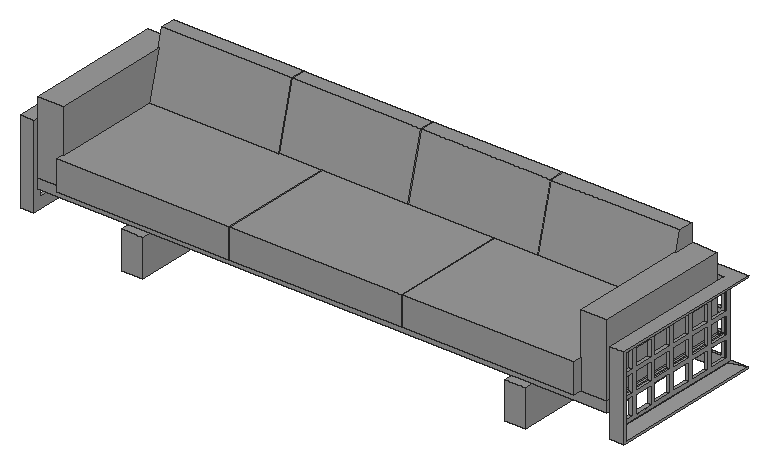
Revit family "LR_SOFÁ MUXARABI 350X90", category Modelos genéricos, Revit 2024
Family settings
  Pode hospedar o vergalhão = Não
  Cota do conector redondo = Utilizar diâmetro
  Tipo de parte = Normal
  Com base no plano de trabalho = Não
  Sempre na vertical = Sim
  Corte com vazios quando carregada = Não
  Manter orientação da anotação = Não
  Compartilhado = Não
  Ponto de cálculo do ambiente = Não
Parameters
  almofadas [instance] = yes
  Elevação padrão = 0 m
  ESTRUTURA [instance] = yes
Reference planes (m)
  plane 1: z = 0
  plane 2 "Centro (Esquerda/Direita)": x = 0
  plane 3 "Centro (Frente/Trás)": y = 0
Forms (m)
  Extrusion 1, solid, not visible
    sketch origin (0.14545, 1.172287, 0.08) x (0, -1, 0) y (0, 0, -1)
      loop
        line (0.04, -0.392) -> (0.081, -0.392) -> (0.081, 0.14) -> (0.04, 0.14) -> (0.04, -0.392)
    from 0 to 0.025
  Extrusion 2, solid, not visible
    sketch origin (0.14545, 1.090287, 0.08) x (0, -1, 0) y (0, 0, -1)
      loop
        line (0.04, -0.392) -> (0.081, -0.392) -> (0.081, 0.14) -> (0.04, 0.14) -> (0.04, -0.392)
    from 0 to 0.025
  Extrusion 3, solid, not visible
    sketch origin (0.14545, 1.008287, 0.08) x (0, -1, 0) y (0, 0, -1)
      loop
        line (0.04, -0.392) -> (0.081, -0.392) -> (0.081, 0.14) -> (0.04, 0.14) -> (0.04, -0.392)
    from 0 to 0.025
  Extrusion 4, solid, not visible
    sketch origin (0.14545, 0.926287, 0.08) x (0, -1, 0) y (0, 0, -1)
      loop
        line (0.04, -0.392) -> (0.081, -0.392) -> (0.081, 0.14) -> (0.04, 0.14) -> (0.04, -0.392)
    from 0 to 0.025
  Extrusion 5, solid, not visible
    sketch origin (0.14545, 0.844287, 0.08) x (0, -1, 0) y (0, 0, -1)
      loop
        line (0.04, -0.392) -> (0.081, -0.392) -> (0.081, 0.14) -> (0.04, 0.14) -> (0.04, -0.392)
    from 0 to 0.025
  Extrusion 6, solid, not visible
    sketch origin (0.14545, 0.762287, 0.08) x (0, -1, 0) y (0, 0, -1)
      loop
        line (0.04, -0.392) -> (0.081, -0.392) -> (0.081, 0.14) -> (0.04, 0.14) -> (0.04, -0.392)
    from 0 to 0.025
  Extrusion 7, solid, not visible
    sketch origin (0.14545, 0.680287, 0.08) x (0, -1, 0) y (0, 0, -1)
      loop
        line (0.04, -0.392) -> (0.081, -0.392) -> (0.081, 0.14) -> (0.04, 0.14) -> (0.04, -0.392)
    from 0 to 0.025
  Extrusion 8, solid, not visible
    sketch origin (0.14545, 0.598287, 0.08) x (0, -1, 0) y (0, 0, -1)
      loop
        line (0.04, -0.392) -> (0.081, -0.392) -> (0.081, 0.14) -> (0.04, 0.14) -> (0.04, -0.392)
    from 0 to 0.025
  Extrusion 9, solid, not visible
    sketch origin (0.14545, 0.516287, 0.08) x (0, -1, 0) y (0, 0, -1)
      loop
        line (0.04, -0.392) -> (0.081, -0.392) -> (0.081, 0.14) -> (0.04, 0.14) -> (0.04, -0.392)
    from 0 to 0.025
  Extrusion 10, solid, not visible
    sketch origin (0.14545, 0.434287, 0.08) x (0, -1, 0) y (0, 0, -1)
      loop
        line (0.04, -0.392) -> (0.081, -0.392) -> (0.081, 0.14) -> (0.04, 0.14) -> (0.04, -0.392)
    from 0 to 0.025
  Extrusion 11, solid, not visible
    sketch origin (0.14545, 1.033287, 0.389) x (0, 0, -1) y (0, 1, 0)
      loop
        line (0.04, -0.68) -> (0.081, -0.68) -> (0.081, 0.14) -> (0.04, 0.14) -> (0.04, -0.68)
    from 0 to 0.025
  Extrusion 12, solid, not visible
    sketch origin (0.14545, 1.033287, 0.307) x (0, 0, -1) y (0, 1, 0)
      loop
        line (0.04, -0.68) -> (0.081, -0.68) -> (0.081, 0.14) -> (0.04, 0.14) -> (0.04, -0.68)
    from 0 to 0.025
  Extrusion 13, solid, not visible
    sketch origin (0.14545, 1.033287, 0.225) x (0, 0, -1) y (0, 1, 0)
      loop
        line (0.04, -0.68) -> (0.081, -0.68) -> (0.081, 0.14) -> (0.04, 0.14) -> (0.04, -0.68)
    from 0 to 0.025
  Extrusion 14, solid, not visible
    sketch origin (0.14545, 1.033287, 0.143) x (0, 0, -1) y (0, 1, 0)
      loop
        line (0.04, -0.68) -> (0.081, -0.68) -> (0.081, 0.14) -> (0.04, 0.14) -> (0.04, -0.68)
    from 0 to 0.025
  Extrusion 15, solid, not visible
    sketch origin (0.14545, 1.033287, 0.061) x (0, 0, -1) y (0, 1, 0)
      loop
        line (0.04, -0.68) -> (0.081, -0.68) -> (0.081, 0.14) -> (0.04, 0.14) -> (0.04, -0.68)
    from 0 to 0.025
  Extrusion 16, solid, not visible
    sketch origin (1.05695, 1.265787, 0.08) x (-1, 0, 0) y (0, 0, -1)
      loop
        line (0.04, -0.392) -> (0.081, -0.392) -> (0.081, 0.14) -> (0.04, 0.14) -> (0.04, -0.392)
    from 0 to 0.025
  Extrusion 17, solid, not visible
    sketch origin (0.97495, 1.265787, 0.08) x (-1, 0, 0) y (0, 0, -1)
      loop
        line (0.04, -0.392) -> (0.081, -0.392) -> (0.081, 0.14) -> (0.04, 0.14) -> (0.04, -0.392)
    from 0 to 0.025
  Extrusion 18, solid, not visible
    sketch origin (0.89295, 1.265787, 0.08) x (-1, 0, 0) y (0, 0, -1)
      loop
        line (0.04, -0.392) -> (0.081, -0.392) -> (0.081, 0.14) -> (0.04, 0.14) -> (0.04, -0.392)
    from 0 to 0.025
  Extrusion 19, solid, not visible
    sketch origin (0.81095, 1.265787, 0.08) x (-1, 0, 0) y (0, 0, -1)
      loop
        line (0.04, -0.392) -> (0.081, -0.392) -> (0.081, 0.14) -> (0.04, 0.14) -> (0.04, -0.392)
    from 0 to 0.025
  Extrusion 20, solid, not visible
    sketch origin (0.72895, 1.265787, 0.08) x (-1, 0, 0) y (0, 0, -1)
      loop
        line (0.04, -0.392) -> (0.081, -0.392) -> (0.081, 0.14) -> (0.04, 0.14) -> (0.04, -0.392)
    from 0 to 0.025
  Extrusion 21, solid, not visible
    sketch origin (0.64695, 1.265787, 0.08) x (-1, 0, 0) y (0, 0, -1)
      loop
        line (0.04, -0.392) -> (0.081, -0.392) -> (0.081, 0.14) -> (0.04, 0.14) -> (0.04, -0.392)
    from 0 to 0.025
  Extrusion 22, solid, not visible
    sketch origin (0.56495, 1.265787, 0.08) x (-1, 0, 0) y (0, 0, -1)
      loop
        line (0.04, -0.392) -> (0.081, -0.392) -> (0.081, 0.14) -> (0.04, 0.14) -> (0.04, -0.392)
    from 0 to 0.025
  Extrusion 23, solid, not visible
    sketch origin (0.48295, 1.265787, 0.08) x (-1, 0, 0) y (0, 0, -1)
      loop
        line (0.04, -0.392) -> (0.081, -0.392) -> (0.081, 0.14) -> (0.04, 0.14) -> (0.04, -0.392)
    from 0 to 0.025
  Extrusion 24, solid, not visible
    sketch origin (0.40095, 1.265787, 0.08) x (-1, 0, 0) y (0, 0, -1)
      loop
        line (0.04, -0.392) -> (0.081, -0.392) -> (0.081, 0.14) -> (0.04, 0.14) -> (0.04, -0.392)
    from 0 to 0.025
  Extrusion 25, solid, not visible
    sketch origin (0.31895, 1.265787, 0.08) x (-1, 0, 0) y (0, 0, -1)
      loop
        line (0.04, -0.392) -> (0.081, -0.392) -> (0.081, 0.14) -> (0.04, 0.14) -> (0.04, -0.392)
    from 0 to 0.025
  Extrusion 26, solid, not visible
    sketch origin (0.91795, 1.265787, 0.389) x (0, 0, -1) y (1, 0, 0)
      loop
        line (0.04, -0.68) -> (0.081, -0.68) -> (0.081, 1.865) -> (0.04, 1.865) -> (0.04, -0.68)
    from 0 to 0.025
  Extrusion 27, solid, not visible
    sketch origin (0.91795, 1.265787, 0.307) x (0, 0, -1) y (1, 0, 0)
      loop
        line (0.04, -0.68) -> (0.081, -0.68) -> (0.081, 1.865) -> (0.04, 1.865) -> (0.04, -0.68)
    from 0 to 0.025
  Extrusion 28, solid, not visible
    sketch origin (0.91795, 1.265787, 0.225) x (0, 0, -1) y (1, 0, 0)
      loop
        line (0.04, -0.68) -> (0.081, -0.68) -> (0.081, 1.865) -> (0.04, 1.865) -> (0.04, -0.68)
    from 0 to 0.025
  Extrusion 29, solid, not visible
    sketch origin (0.91795, 1.265787, 0.143) x (0, 0, -1) y (1, 0, 0)
      loop
        line (0.04, -0.68) -> (0.081, -0.68) -> (0.081, 1.865) -> (0.04, 1.865) -> (0.04, -0.68)
    from 0 to 0.025
  Extrusion 30, solid, not visible
    sketch origin (0.91795, 1.265787, 0.061) x (0, 0, -1) y (1, 0, 0)
      loop
        line (0.04, -0.68) -> (0.081, -0.68) -> (0.081, 1.865) -> (0.04, 1.865) -> (0.04, -0.68)
    from 0 to 0.025
  Extrusion 31, solid, not visible
    sketch origin (1.71295, 1.265787, 0.08) x (-1, 0, 0) y (0, 0, -1)
      loop
        line (0.04, -0.392) -> (0.081, -0.392) -> (0.081, 0.14) -> (0.04, 0.14) -> (0.04, -0.392)
    from 0 to 0.025
  Extrusion 32, solid, not visible
    sketch origin (1.63095, 1.265787, 0.08) x (-1, 0, 0) y (0, 0, -1)
      loop
        line (0.04, -0.392) -> (0.081, -0.392) -> (0.081, 0.14) -> (0.04, 0.14) -> (0.04, -0.392)
    from 0 to 0.025
  Extrusion 33, solid, not visible
    sketch origin (1.54895, 1.265787, 0.08) x (-1, 0, 0) y (0, 0, -1)
      loop
        line (0.04, -0.392) -> (0.081, -0.392) -> (0.081, 0.14) -> (0.04, 0.14) -> (0.04, -0.392)
    from 0 to 0.025
  Extrusion 34, solid, not visible
    sketch origin (1.46695, 1.265787, 0.08) x (-1, 0, 0) y (0, 0, -1)
      loop
        line (0.04, -0.392) -> (0.081, -0.392) -> (0.081, 0.14) -> (0.04, 0.14) -> (0.04, -0.392)
    from 0 to 0.025
  Extrusion 35, solid, not visible
    sketch origin (1.38495, 1.265787, 0.08) x (-1, 0, 0) y (0, 0, -1)
      loop
        line (0.04, -0.392) -> (0.081, -0.392) -> (0.081, 0.14) -> (0.04, 0.14) -> (0.04, -0.392)
    from 0 to 0.025
  Extrusion 36, solid, not visible
    sketch origin (1.30295, 1.265787, 0.08) x (-1, 0, 0) y (0, 0, -1)
      loop
        line (0.04, -0.392) -> (0.081, -0.392) -> (0.081, 0.14) -> (0.04, 0.14) -> (0.04, -0.392)
    from 0 to 0.025
  Extrusion 37, solid, not visible
    sketch origin (1.22095, 1.265787, 0.08) x (-1, 0, 0) y (0, 0, -1)
      loop
        line (0.04, -0.392) -> (0.081, -0.392) -> (0.081, 0.14) -> (0.04, 0.14) -> (0.04, -0.392)
    from 0 to 0.025
  Extrusion 38, solid, not visible
    sketch origin (1.13895, 1.265787, 0.08) x (-1, 0, 0) y (0, 0, -1)
      loop
        line (0.04, -0.392) -> (0.081, -0.392) -> (0.081, 0.14) -> (0.04, 0.14) -> (0.04, -0.392)
    from 0 to 0.025
  Extrusion 39, solid, not visible
    sketch origin (2.36895, 1.265787, 0.08) x (-1, 0, 0) y (0, 0, -1)
      loop
        line (0.04, -0.392) -> (0.081, -0.392) -> (0.081, 0.14) -> (0.04, 0.14) -> (0.04, -0.392)
    from 0 to 0.025
  Extrusion 40, solid, not visible
    sketch origin (2.28695, 1.265787, 0.08) x (-1, 0, 0) y (0, 0, -1)
      loop
        line (0.04, -0.392) -> (0.081, -0.392) -> (0.081, 0.14) -> (0.04, 0.14) -> (0.04, -0.392)
    from 0 to 0.025
  Extrusion 41, solid, not visible
    sketch origin (2.20495, 1.265787, 0.08) x (-1, 0, 0) y (0, 0, -1)
      loop
        line (0.04, -0.392) -> (0.081, -0.392) -> (0.081, 0.14) -> (0.04, 0.14) -> (0.04, -0.392)
    from 0 to 0.025
  Extrusion 42, solid, not visible
    sketch origin (2.12295, 1.265787, 0.08) x (-1, 0, 0) y (0, 0, -1)
      loop
        line (0.04, -0.392) -> (0.081, -0.392) -> (0.081, 0.14) -> (0.04, 0.14) -> (0.04, -0.392)
    from 0 to 0.025
  Extrusion 43, solid, not visible
    sketch origin (2.04095, 1.265787, 0.08) x (-1, 0, 0) y (0, 0, -1)
      loop
        line (0.04, -0.392) -> (0.081, -0.392) -> (0.081, 0.14) -> (0.04, 0.14) -> (0.04, -0.392)
    from 0 to 0.025
  Extrusion 44, solid, not visible
    sketch origin (1.95895, 1.265787, 0.08) x (-1, 0, 0) y (0, 0, -1)
      loop
        line (0.04, -0.392) -> (0.081, -0.392) -> (0.081, 0.14) -> (0.04, 0.14) -> (0.04, -0.392)
    from 0 to 0.025
  Extrusion 45, solid, not visible
    sketch origin (1.87695, 1.265787, 0.08) x (-1, 0, 0) y (0, 0, -1)
      loop
        line (0.04, -0.392) -> (0.081, -0.392) -> (0.081, 0.14) -> (0.04, 0.14) -> (0.04, -0.392)
    from 0 to 0.025
  Extrusion 46, solid, not visible
    sketch origin (1.79495, 1.265787, 0.08) x (-1, 0, 0) y (0, 0, -1)
      loop
        line (0.04, -0.392) -> (0.081, -0.392) -> (0.081, 0.14) -> (0.04, 0.14) -> (0.04, -0.392)
    from 0 to 0.025
  Extrusion 47, solid, not visible
    sketch origin (2.86095, 1.265787, 0.08) x (-1, 0, 0) y (0, 0, -1)
      loop
        line (0.04, -0.392) -> (0.081, -0.392) -> (0.081, 0.14) -> (0.04, 0.14) -> (0.04, -0.392)
    from 0 to 0.025
  Extrusion 48, solid, not visible
    sketch origin (2.77895, 1.265787, 0.08) x (-1, 0, 0) y (0, 0, -1)
      loop
        line (0.04, -0.392) -> (0.081, -0.392) -> (0.081, 0.14) -> (0.04, 0.14) -> (0.04, -0.392)
    from 0 to 0.025
  Extrusion 49, solid, not visible
    sketch origin (2.69695, 1.265787, 0.08) x (-1, 0, 0) y (0, 0, -1)
      loop
        line (0.04, -0.392) -> (0.081, -0.392) -> (0.081, 0.14) -> (0.04, 0.14) -> (0.04, -0.392)
    from 0 to 0.025
  Extrusion 50, solid, not visible
    sketch origin (2.61495, 1.265787, 0.08) x (-1, 0, 0) y (0, 0, -1)
      loop
        line (0.04, -0.392) -> (0.081, -0.392) -> (0.081, 0.14) -> (0.04, 0.14) -> (0.04, -0.392)
    from 0 to 0.025
  Extrusion 51, solid, not visible
    sketch origin (2.53295, 1.265787, 0.08) x (-1, 0, 0) y (0, 0, -1)
      loop
        line (0.04, -0.392) -> (0.081, -0.392) -> (0.081, 0.14) -> (0.04, 0.14) -> (0.04, -0.392)
    from 0 to 0.025
  Extrusion 52, solid, not visible
    sketch origin (2.45095, 1.265787, 0.08) x (-1, 0, 0) y (0, 0, -1)
      loop
        line (0.04, -0.392) -> (0.081, -0.392) -> (0.081, 0.14) -> (0.04, 0.14) -> (0.04, -0.392)
    from 0 to 0.025
  Extrusion 53, solid, not visible
    sketch origin (0.91795, 1.265787, 0.471) x (0, 0, -1) y (1, 0, 0)
      loop
        line (0.04, -0.68) -> (0.081, -0.68) -> (0.081, 1.865) -> (0.04, 1.865) -> (0.04, -0.68)
    from 0 to 0.025
  Extrusion 54, solid, not visible
    sketch origin (0.14545, 1.033287, 0.471) x (0, 0, -1) y (0, 1, 0)
      loop
        line (0.04, -0.68) -> (0.081, -0.68) -> (0.081, 0.14) -> (0.04, 0.14) -> (0.04, -0.68)
    from 0 to 0.025
  Extrusion 55, solid, material ".LR - MADEIRA", visible <- "ESTRUTURA"
    sketch origin (0.94295, -0.51, 0.016713) x (-1, 0, 0) y (0, 0, 1)
      loop
        line (-0.65705, 0.258287) -> (-0.65705, 0.198287) -> (2.64295, 0.198287) -> (2.64295, 0.258287) -> (-0.65705, 0.258287)
    from 0.08 to 0.88
  Extrusion 56, solid, material ".LR - MADEIRA"
    sketch origin (0.971, 0.41, 0.225) x (1, 0, 0) y (0, 0, 1)
      loop
        line (0.659, -0.095) -> (0.659, 0.2935) -> (-2.691, 0.2935) -> (-2.691, -0.095) -> (0.659, -0.095)
      loop
        line (-2.671, -0.075) -> (-2.534, -0.075) -> (-2.534, 0.0285) -> (-2.671, 0.0285) -> (-2.671, -0.075)
      loop
        line (-2.534, 0.2735) -> (-2.671, 0.2735) -> (-2.671, 0.171) -> (-2.534, 0.171) -> (-2.534, 0.2735)
      loop
        line (-2.671, 0.151) -> (-2.671, 0.0485) -> (-2.534, 0.0485) -> (-2.534, 0.151) -> (-2.671, 0.151)
      loop
        line (-2.514, 0.2735) -> (-2.514, 0.171) -> (-2.367, 0.171) -> (-2.367, 0.2735) -> (-2.514, 0.2735)
      loop
        line (-2.514, 0.0285) -> (-2.514, -0.075) -> (-2.367, -0.075) -> (-2.367, 0.0285) -> (-2.514, 0.0285)
      loop
        line (-2.514, 0.151) -> (-2.514, 0.0485) -> (-2.367, 0.0485) -> (-2.367, 0.151) -> (-2.514, 0.151)
      loop
        line (-2.347, 0.2735) -> (-2.347, 0.171) -> (-2.2, 0.171) -> (-2.2, 0.2735) -> (-2.347, 0.2735)
      loop
        line (-2.347, 0.0285) -> (-2.347, -0.075) -> (-2.2, -0.075) -> (-2.2, 0.0285) -> (-2.347, 0.0285)
      loop
        line (-2.347, 0.151) -> (-2.347, 0.0485) -> (-2.2, 0.0485) -> (-2.2, 0.151) -> (-2.347, 0.151)
      loop
        line (-2.18, 0.2735) -> (-2.18, 0.171) -> (-2.033, 0.171) -> (-2.033, 0.2735) -> (-2.18, 0.2735)
      loop
        line (-2.18, 0.0285) -> (-2.18, -0.075) -> (-2.033, -0.075) -> (-2.033, 0.0285) -> (-2.18, 0.0285)
      loop
        line (-2.18, 0.151) -> (-2.18, 0.0485) -> (-2.033, 0.0485) -> (-2.033, 0.151) -> (-2.18, 0.151)
      loop
        line (-2.013, 0.2735) -> (-2.013, 0.171) -> (-1.866, 0.171) -> (-1.866, 0.2735) -> (-2.013, 0.2735)
      loop
        line (-2.013, 0.0285) -> (-2.013, -0.075) -> (-1.866, -0.075) -> (-1.866, 0.0285) -> (-2.013, 0.0285)
      loop
        line (-2.013, 0.151) -> (-2.013, 0.0485) -> (-1.866, 0.0485) -> (-1.866, 0.151) -> (-2.013, 0.151)
      loop
        line (-1.846, 0.2735) -> (-1.846, 0.171) -> (-1.699, 0.171) -> (-1.699, 0.2735) -> (-1.846, 0.2735)
      loop
        line (-1.846, 0.0285) -> (-1.846, -0.075) -> (-1.699, -0.075) -> (-1.699, 0.0285) -> (-1.846, 0.0285)
      loop
        line (-1.846, 0.151) -> (-1.846, 0.0485) -> (-1.699, 0.0485) -> (-1.699, 0.151) -> (-1.846, 0.151)
      loop
        line (-1.679, 0.2735) -> (-1.679, 0.171) -> (-1.532, 0.171) -> (-1.532, 0.2735) -> (-1.679, 0.2735)
      loop
        line (-1.679, 0.0285) -> (-1.679, -0.075) -> (-1.532, -0.075) -> (-1.532, 0.0285) -> (-1.679, 0.0285)
      loop
        line (-1.679, 0.151) -> (-1.679, 0.0485) -> (-1.532, 0.0485) -> (-1.532, 0.151) -> (-1.679, 0.151)
      loop
        line (-1.512, 0.2735) -> (-1.512, 0.171) -> (-1.365, 0.171) -> (-1.365, 0.2735) -> (-1.512, 0.2735)
      loop
        line (-1.512, 0.0285) -> (-1.512, -0.075) -> (-1.365, -0.075) -> (-1.365, 0.0285) -> (-1.512, 0.0285)
      loop
        line (-1.512, 0.151) -> (-1.512, 0.0485) -> (-1.365, 0.0485) -> (-1.365, 0.151) -> (-1.512, 0.151)
      loop
        line (-1.345, 0.2735) -> (-1.345, 0.171) -> (-1.198, 0.171) -> (-1.198, 0.2735) -> (-1.345, 0.2735)
      loop
        line (-1.345, 0.0285) -> (-1.345, -0.075) -> (-1.198, -0.075) -> (-1.198, 0.0285) -> (-1.345, 0.0285)
      loop
        line (-1.345, 0.151) -> (-1.345, 0.0485) -> (-1.198, 0.0485) -> (-1.198, 0.151) -> (-1.345, 0.151)
      loop
        line (-1.178, 0.2735) -> (-1.178, 0.171) -> (-1.031, 0.171) -> (-1.031, 0.2735) -> (-1.178, 0.2735)
      loop
        line (-1.178, 0.0285) -> (-1.178, -0.075) -> (-1.031, -0.075) -> (-1.031, 0.0285) -> (-1.178, 0.0285)
      loop
        line (-1.178, 0.151) -> (-1.178, 0.0485) -> (-1.031, 0.0485) -> (-1.031, 0.151) -> (-1.178, 0.151)
      loop
        line (-1.011, 0.2735) -> (-1.011, 0.171) -> (-0.864, 0.171) -> (-0.864, 0.2735) -> (-1.011, 0.2735)
      loop
        line (-1.011, 0.0285) -> (-1.011, -0.075) -> (-0.864, -0.075) -> (-0.864, 0.0285) -> (-1.011, 0.0285)
      loop
        line (-1.011, 0.151) -> (-1.011, 0.0485) -> (-0.864, 0.0485) -> (-0.864, 0.151) -> (-1.011, 0.151)
      loop
        line (-0.844, 0.2735) -> (-0.844, 0.171) -> (-0.697, 0.171) -> (-0.697, 0.2735) -> (-0.844, 0.2735)
      loop
        line (-0.844, 0.0285) -> (-0.844, -0.075) -> (-0.697, -0.075) -> (-0.697, 0.0285) -> (-0.844, 0.0285)
      loop
        line (-0.844, 0.151) -> (-0.844, 0.0485) -> (-0.697, 0.0485) -> (-0.697, 0.151) -> (-0.844, 0.151)
      loop
        line (-0.677, 0.2735) -> (-0.677, 0.171) -> (-0.53, 0.171) -> (-0.53, 0.2735) -> (-0.677, 0.2735)
      loop
        line (-0.677, 0.0285) -> (-0.677, -0.075) -> (-0.53, -0.075) -> (-0.53, 0.0285) -> (-0.677, 0.0285)
      loop
        line (-0.677, 0.151) -> (-0.677, 0.0485) -> (-0.53, 0.0485) -> (-0.53, 0.151) -> (-0.677, 0.151)
      loop
        line (-0.51, 0.2735) -> (-0.51, 0.171) -> (-0.363, 0.171) -> (-0.363, 0.2735) -> (-0.51, 0.2735)
      loop
        line (-0.51, 0.0285) -> (-0.51, -0.075) -> (-0.363, -0.075) -> (-0.363, 0.0285) -> (-0.51, 0.0285)
      loop
        line (-0.51, 0.151) -> (-0.51, 0.0485) -> (-0.363, 0.0485) -> (-0.363, 0.151) -> (-0.51, 0.151)
      loop
        line (-0.343, 0.2735) -> (-0.343, 0.171) -> (-0.196, 0.171) -> (-0.196, 0.2735) -> (-0.343, 0.2735)
      loop
        line (-0.343, 0.0285) -> (-0.343, -0.075) -> (-0.196, -0.075) -> (-0.196, 0.0285) -> (-0.343, 0.0285)
      loop
        line (-0.343, 0.151) -> (-0.343, 0.0485) -> (-0.196, 0.0485) -> (-0.196, 0.151) -> (-0.343, 0.151)
      loop
        line (-0.176, 0.2735) -> (-0.176, 0.171) -> (-0.029, 0.171) -> (-0.029, 0.2735) -> (-0.176, 0.2735)
      loop
        line (-0.176, 0.0285) -> (-0.176, -0.075) -> (-0.029, -0.075) -> (-0.029, 0.0285) -> (-0.176, 0.0285)
      loop
        line (-0.176, 0.151) -> (-0.176, 0.0485) -> (-0.029, 0.0485) -> (-0.029, 0.151) -> (-0.176, 0.151)
      loop
        line (-0.009, 0.2735) -> (-0.009, 0.171) -> (0.138, 0.171) -> (0.138, 0.2735) -> (-0.009, 0.2735)
      loop
        line (-0.009, 0.0285) -> (-0.009, -0.075) -> (0.138, -0.075) -> (0.138, 0.0285) -> (-0.009, 0.0285)
      loop
        line (-0.009, 0.151) -> (-0.009, 0.0485) -> (0.138, 0.0485) -> (0.138, 0.151) -> (-0.009, 0.151)
      loop
        line (0.158, 0.2735) -> (0.158, 0.171) -> (0.305, 0.171) -> (0.305, 0.2735) -> (0.158, 0.2735)
      loop
        line (0.158, 0.0285) -> (0.158, -0.075) -> (0.305, -0.075) -> (0.305, 0.0285) -> (0.158, 0.0285)
      loop
        line (0.158, 0.151) -> (0.158, 0.0485) -> (0.305, 0.0485) -> (0.305, 0.151) -> (0.158, 0.151)
      loop
        line (0.325, 0.2735) -> (0.325, 0.171) -> (0.472, 0.171) -> (0.472, 0.2735) -> (0.325, 0.2735)
      loop
        line (0.325, 0.0285) -> (0.325, -0.075) -> (0.472, -0.075) -> (0.472, 0.0285) -> (0.325, 0.0285)
      loop
        line (0.325, 0.151) -> (0.325, 0.0485) -> (0.472, 0.0485) -> (0.472, 0.151) -> (0.325, 0.151)
      loop
        line (0.492, 0.2735) -> (0.492, 0.171) -> (0.639, 0.171) -> (0.639, 0.2735) -> (0.492, 0.2735)
      loop
        line (0.492, 0.0285) -> (0.492, -0.075) -> (0.639, -0.075) -> (0.639, 0.0285) -> (0.492, 0.0285)
      loop
        line (0.492, 0.151) -> (0.492, 0.0485) -> (0.639, 0.0485) -> (0.639, 0.151) -> (0.492, 0.151)
    from 0 to 0.02
  Extrusion 57, solid, material ".LR - MADEIRA"
    sketch origin (-1.72, -0.579, 0.225) x (0, -1, 0) y (0, 0, 1)
      loop
        line (-0.989, 0.2935) -> (-0.989, -0.095) -> (-0.149, -0.095) -> (-0.149, 0.2935) -> (-0.989, 0.2935)
      loop
        line (-0.16825, 0.2735) -> (-0.28475, 0.2735) -> (-0.28475, 0.171) -> (-0.16825, 0.171) -> (-0.16825, 0.2735)
      loop
        line (-0.16825, 0.151) -> (-0.28475, 0.151) -> (-0.28475, 0.0485) -> (-0.16825, 0.0485) -> (-0.16825, 0.151)
      loop
        line (-0.16825, 0.0285) -> (-0.28475, 0.0285) -> (-0.28475, -0.075) -> (-0.16825, -0.075) -> (-0.16825, 0.0285)
      loop
        line (-0.30525, 0.2735) -> (-0.42175, 0.2735) -> (-0.42175, 0.171) -> (-0.30525, 0.171) -> (-0.30525, 0.2735)
      loop
        line (-0.30525, 0.151) -> (-0.42175, 0.151) -> (-0.42175, 0.0485) -> (-0.30525, 0.0485) -> (-0.30525, 0.151)
      loop
        line (-0.30525, 0.0285) -> (-0.42175, 0.0285) -> (-0.42175, -0.075) -> (-0.30525, -0.075) -> (-0.30525, 0.0285)
      loop
        line (-0.44225, 0.2735) -> (-0.55875, 0.2735) -> (-0.55875, 0.171) -> (-0.44225, 0.171) -> (-0.44225, 0.2735)
      loop
        line (-0.44225, 0.151) -> (-0.55875, 0.151) -> (-0.55875, 0.0485) -> (-0.44225, 0.0485) -> (-0.44225, 0.151)
      loop
        line (-0.44225, 0.0285) -> (-0.55875, 0.0285) -> (-0.55875, -0.075) -> (-0.44225, -0.075) -> (-0.44225, 0.0285)
      loop
        line (-0.57925, 0.2735) -> (-0.69575, 0.2735) -> (-0.69575, 0.171) -> (-0.57925, 0.171) -> (-0.57925, 0.2735)
      loop
        line (-0.57925, 0.151) -> (-0.69575, 0.151) -> (-0.69575, 0.0485) -> (-0.57925, 0.0485) -> (-0.57925, 0.151)
      loop
        line (-0.57925, 0.0285) -> (-0.69575, 0.0285) -> (-0.69575, -0.075) -> (-0.57925, -0.075) -> (-0.57925, 0.0285)
      loop
        line (-0.71625, 0.2735) -> (-0.83275, 0.2735) -> (-0.83275, 0.171) -> (-0.71625, 0.171) -> (-0.71625, 0.2735)
      loop
        line (-0.71625, 0.151) -> (-0.83275, 0.151) -> (-0.83275, 0.0485) -> (-0.71625, 0.0485) -> (-0.71625, 0.151)
      loop
        line (-0.71625, 0.0285) -> (-0.83275, 0.0285) -> (-0.83275, -0.075) -> (-0.71625, -0.075) -> (-0.71625, 0.0285)
      loop
        line (-0.85325, 0.2735) -> (-0.96975, 0.2735) -> (-0.96975, 0.171) -> (-0.85325, 0.171) -> (-0.85325, 0.2735)
      loop
        line (-0.85325, 0.151) -> (-0.96975, 0.151) -> (-0.96975, 0.0485) -> (-0.85325, 0.0485) -> (-0.85325, 0.151)
      loop
        line (-0.85325, 0.0285) -> (-0.96975, 0.0285) -> (-0.96975, -0.075) -> (-0.85325, -0.075) -> (-0.85325, 0.0285)
    from 0 to 0.02
  Sweep 58, solid, material ".LR - MADEIRA"
    path origin (0.9, -0.72, 0.564748) x (0, 1, 0) y (-1, 0, 0)
      loop
        line (0.29, 2.63) -> (1.12, 2.63) -> (1.12, -0.73) -> (0.29, -0.73)
    profile origin (-0.05, 0.4, 0.564748) x (0, 1, 0) y (0, 0, 1)
      loop
        line (-0.01, 0) -> (-0.01, -0.046248) -> (0.01, -0.046248) -> (0.01, -0.043748) -> (0.0025, -0.043748) -> (0.0025, -0.035313) -> (0.07, -0.01) -> (0.07, 0) -> (-0.01, 0)
  Extrusion 59, solid, material ".LR - MADEIRA", visible <- "ESTRUTURA"
    sketch origin (-1.71, -0.72, 0.42) x (0, 0, -1) y (0, -1, 0)
      loop
        line (0.1665, -0.31) -> (0.1465, -0.31) -> (0.1465, -1.11) -> (0.1665, -1.11) -> (0.1665, -0.31)
    from -0.01 to 0.01
  Extrusion 60, solid, material ".LR - MADEIRA"
    sketch origin (-1.105, 0.39, 0.42) x (0, 0, -1) y (1, 0, 0)
      loop
        line (0.1665, -0.595) -> (0.1665, 2.715) -> (0.1465, 2.715) -> (0.1465, -0.595) -> (0.1665, -0.595)
    from 0 to 0.02
  Extrusion 61, solid, material ".LR-LINHO", visible <- "almofadas"
    sketch origin (3.154333, -0.51, 0.275) x (-1, 0, 0) y (0, -1, 0)
      loop
        line (2.704333, -0.03) -> (1.704333, -0.03) -> (1.704333, -0.88) -> (2.704333, -0.88) -> (2.704333, -0.03)
    from 0 to 0.17
  Sweep 62, solid, material ".LR - MADEIRA"
    path origin (0.9, -0.72, 0.083752) x (1, 0, 0) y (0, 1, 0)
      loop
        line (-2.63, 0.29) -> (-2.63, 1.12) -> (0.73, 1.12) -> (0.73, 0.29)
    profile origin (-0.05, 0.4, 0.083752) x (0, 1, 0) y (0, 0, 1)
      loop
        line (-0.01, 0) -> (0.07, 0) -> (0.07, 0.01) -> (0.0025, 0.035313) -> (0.0025, 0.043748) -> (0.01, 0.043748) -> (0.01, 0.046248) -> (-0.01, 0.046248) -> (-0.01, 0)
  Extrusion 63, solid, material ".LR - MADEIRA", visible <- "ESTRUTURA"
    sketch origin (-0.125, -0.72, 0.19) x (0, -1, 0) y (-1, 0, 0)
      loop
        line (-0.24, 1.045) -> (-0.925, 1.045) -> (-0.925, 0.925) -> (-0.24, 0.925) -> (-0.24, 1.045)
    from -0.025 to 0.19
  Extrusion 64, solid, material ".LR - MADEIRA", visible <- "ESTRUTURA"
    sketch origin (0.125, -0.72, 0.19) x (0, 1, 0) y (1, 0, 0)
      loop
        line (0.24, 1.045) -> (0.24, 0.925) -> (0.925, 0.925) -> (0.925, 1.045) -> (0.24, 1.045)
    from -0.025 to 0.19
  Extrusion 65, solid, material ".LR - MADEIRA", visible <- "ESTRUTURA"
    sketch origin (-1.135, -0.635, 0.21) x (0, 1, 0) y (0, 0, 1)
      loop
        line (0.28, 0.005) -> (0.28, -0.02) -> (0.62, -0.02) -> (0.62, 0.005) -> (0.28, 0.005)
    from 0 to 0.05
  Extrusion 66, solid, material ".LR - MADEIRA", visible <- "ESTRUTURA"
    sketch origin (1.085, -0.635, 0.21) x (0, 1, 0) y (0, 0, 1)
      loop
        line (0.28, 0.005) -> (0.28, -0.02) -> (0.62, -0.02) -> (0.62, 0.005) -> (0.28, 0.005)
    from 0 to 0.05
  Extrusion 67, solid, material ".LR - MADEIRA"
    sketch origin (0, 0.04, 0) x (1, 0, 0) y (0, 1, 0)
      loop
        line (-1.72, -0.47) -> (-1.72, -0.43) -> (-1.8, -0.46) -> (-1.8, -0.47) -> (-1.72, -0.47)
    from 0.083752 to 0.564748
  Extrusion 68, solid, material ".LR-LINHO", visible <- "almofadas"
    sketch origin (-4.225, -0.52, 0.36) x (1, 0, 0) y (0, 1, 0)
      loop
        line (2.675, 0.09) -> (2.675, 0.89) -> (2.525, 0.89) -> (2.525, 0.09) -> (2.675, 0.09)
    from -0.085 to 0.335
  Extrusion 69, solid, material ".LR-LINHO"
    sketch origin (-0.322, 0.37, 0.29) x (0, -1, 0) y (0, 0, 1)
      loop
        line (0, 0.505) -> (0, 0.155) -> (0.178782, 0.155) -> (0.085, 0.505) -> (0, 0.505)
    from 0.476975 to 1.228
  Extrusion 70, solid, material ".LR-LINHO", visible <- "almofadas"
    sketch origin (-1.075, -0.52, 0.36) x (1, 0, 0) y (0, 1, 0)
      loop
        line (2.675, 0.09) -> (2.675, 0.89) -> (2.525, 0.89) -> (2.525, 0.09) -> (2.675, 0.09)
    from -0.085 to 0.335
  Extrusion 71, solid, material ".LR - MADEIRA"
    sketch origin (1.64, -0.579, 0.225) x (0, -1, 0) y (0, 0, 1)
      loop
        line (-0.989, 0.2935) -> (-0.989, -0.095) -> (-0.149, -0.095) -> (-0.149, 0.2935) -> (-0.989, 0.2935)
      loop
        line (-0.16825, 0.2735) -> (-0.28475, 0.2735) -> (-0.28475, 0.171) -> (-0.16825, 0.171) -> (-0.16825, 0.2735)
      loop
        line (-0.16825, 0.151) -> (-0.28475, 0.151) -> (-0.28475, 0.0485) -> (-0.16825, 0.0485) -> (-0.16825, 0.151)
      loop
        line (-0.16825, 0.0285) -> (-0.28475, 0.0285) -> (-0.28475, -0.075) -> (-0.16825, -0.075) -> (-0.16825, 0.0285)
      loop
        line (-0.30525, 0.2735) -> (-0.42175, 0.2735) -> (-0.42175, 0.171) -> (-0.30525, 0.171) -> (-0.30525, 0.2735)
      loop
        line (-0.30525, 0.151) -> (-0.42175, 0.151) -> (-0.42175, 0.0485) -> (-0.30525, 0.0485) -> (-0.30525, 0.151)
      loop
        line (-0.30525, 0.0285) -> (-0.42175, 0.0285) -> (-0.42175, -0.075) -> (-0.30525, -0.075) -> (-0.30525, 0.0285)
      loop
        line (-0.44225, 0.2735) -> (-0.55875, 0.2735) -> (-0.55875, 0.171) -> (-0.44225, 0.171) -> (-0.44225, 0.2735)
      loop
        line (-0.44225, 0.151) -> (-0.55875, 0.151) -> (-0.55875, 0.0485) -> (-0.44225, 0.0485) -> (-0.44225, 0.151)
      loop
        line (-0.44225, 0.0285) -> (-0.55875, 0.0285) -> (-0.55875, -0.075) -> (-0.44225, -0.075) -> (-0.44225, 0.0285)
      loop
        line (-0.57925, 0.2735) -> (-0.69575, 0.2735) -> (-0.69575, 0.171) -> (-0.57925, 0.171) -> (-0.57925, 0.2735)
      loop
        line (-0.57925, 0.151) -> (-0.69575, 0.151) -> (-0.69575, 0.0485) -> (-0.57925, 0.0485) -> (-0.57925, 0.151)
      loop
        line (-0.57925, 0.0285) -> (-0.69575, 0.0285) -> (-0.69575, -0.075) -> (-0.57925, -0.075) -> (-0.57925, 0.0285)
      loop
        line (-0.71625, 0.2735) -> (-0.83275, 0.2735) -> (-0.83275, 0.171) -> (-0.71625, 0.171) -> (-0.71625, 0.2735)
      loop
        line (-0.71625, 0.151) -> (-0.83275, 0.151) -> (-0.83275, 0.0485) -> (-0.71625, 0.0485) -> (-0.71625, 0.151)
      loop
        line (-0.71625, 0.0285) -> (-0.83275, 0.0285) -> (-0.83275, -0.075) -> (-0.71625, -0.075) -> (-0.71625, 0.0285)
      loop
        line (-0.85325, 0.2735) -> (-0.96975, 0.2735) -> (-0.96975, 0.171) -> (-0.85325, 0.171) -> (-0.85325, 0.2735)
      loop
        line (-0.85325, 0.151) -> (-0.96975, 0.151) -> (-0.96975, 0.0485) -> (-0.85325, 0.0485) -> (-0.85325, 0.151)
      loop
        line (-0.85325, 0.0285) -> (-0.96975, 0.0285) -> (-0.96975, -0.075) -> (-0.85325, -0.075) -> (-0.85325, 0.0285)
    from 0 to 0.02
  Sweep 72, solid, material ".LR - MADEIRA"
    path origin (1.68, -0.43, 0.978752) x (0, 0, -1) y (1, 0, 0)
      loop
        line (0.895728, -0.06) -> (0.425728, -0.06) -> (0.424028, -0.06)
    profile origin (1.62, -0.43, 0.318024) x (-1, 0, 0) y (0, -1, 0)
      loop
        line (0, -0.04) -> (0, 0) -> (-0.08, 0) -> (-0.08, -0.01) -> (0, -0.04)
  Extrusion 73, solid, material ".LR - MADEIRA"
    sketch origin (1.61, -0.72, 0.42) x (0, 0, -1) y (0, 1, 0)
      loop
        line (0.1665, 0.31) -> (0.1665, 1.11) -> (0.1465, 1.11) -> (0.1465, 0.31) -> (0.1665, 0.31)
    from -0.01 to 0.01
  Extrusion 74, solid, material ".LR-LINHO", visible <- "almofadas"
    sketch origin (2.154333, -0.51, 0.275) x (-1, 0, 0) y (0, -1, 0)
      loop
        line (2.704333, -0.03) -> (1.704333, -0.03) -> (1.704333, -0.88) -> (2.704333, -0.88) -> (2.704333, -0.03)
    from 0 to 0.17
  Extrusion 75, solid, material ".LR-LINHO", visible <- "almofadas"
    sketch origin (1.154333, -0.51, 0.275) x (-1, 0, 0) y (0, -1, 0)
      loop
        line (2.704333, -0.03) -> (1.704333, -0.03) -> (1.704333, -0.88) -> (2.704333, -0.88) -> (2.704333, -0.03)
    from 0 to 0.17
  Extrusion 76, solid, material ".LR-LINHO"
    sketch origin (0.428, 0.37, 0.29) x (0, -1, 0) y (0, 0, 1)
      loop
        line (0, 0.505) -> (0, 0.155) -> (0.178782, 0.155) -> (0.085, 0.505) -> (0, 0.505)
    from 0.476975 to 1.228
  Extrusion 77, solid, material ".LR-LINHO"
    sketch origin (1.178, 0.37, 0.29) x (0, -1, 0) y (0, 0, 1)
      loop
        line (0, 0.505) -> (0, 0.155) -> (0.178782, 0.155) -> (0.085, 0.505) -> (0, 0.505)
    from 0.476975 to 1.228
  Extrusion 78, solid, material ".LR-LINHO"
    sketch origin (1.928, 0.37, 0.29) x (0, -1, 0) y (0, 0, 1)
      loop
        line (0, 0.505) -> (0, 0.155) -> (0.178782, 0.155) -> (0.085, 0.505) -> (0, 0.505)
    from 0.476975 to 1.228
Cuts and joins
  joined: Extrusion 56, Extrusion 57, Sweep 58, Sweep 62, Extrusion 67, Extrusion 71, Sweep 72
Lines and regions (m)
  symbolic lines
    curve 1: line (-1.67, 0.37, 0) -> (-1.685, 0.37, 0)
Dimensions and locks (m)
  aligned and locked: level to plane 1
